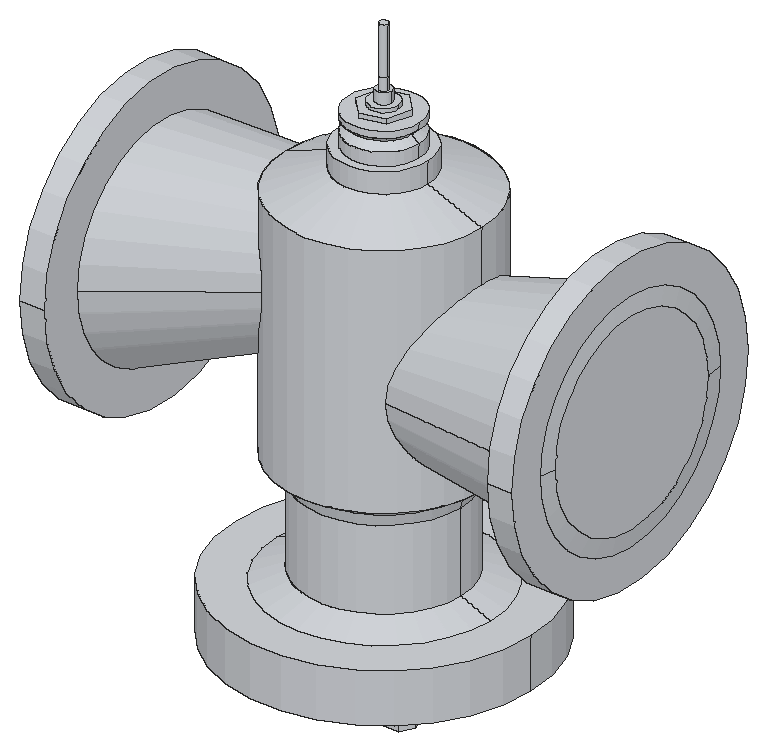
Revit family "2FGB_PN16_DN150_RFA_2018", category Pipe Accessories, Revit 2018
Family settings
  Round Connector Dimension = Use Diameter
  Part Type = Valve - Breaks Into
  Work Plane-Based = No
  Always vertical = Yes
  Cut with Voids When Loaded = No
  Shared = No
Parameters (values of type "2FGB PN16 DN150")
  magiProductId = ""
  magiProductFamilyId = ""
  magiPartTypeId = 306
  isMeasuringValve [instance] = no
  ang2D [instance] = 0.00°
  Z9 = 4.2 mm
  Z8 = 5.7 mm
  Z7 = 3 mm
  Z6 = 6 mm
  Z5 = 6 mm
  Z4 = 12 mm
  Z3 = 227.45 mm
  Z19 = 9.9 mm
  Z15 = 54.95 mm
  Z14__ve = -Z14  # -19.625 mm
  Z14 = 19.625 mm
  Z13 = 10.97 mm
  Z12 = 76.79 mm
  Z10 = 5.1 mm
  X4 = 47.6 mm
  X2__ve = -X2  # -23.8 mm
  X2 = 23.8 mm
  X1 = 2 mm
  W2D = 150 mm
  VersionID = ""
  Use Minimum Symbol Size [instance] = yes
  URL = "www.hydronix.cz"
  Type Comments = "Přírubový; EQM charakteristika; PN16; -10~+150°C"
  R9 = 4 mm
  R7 = 13.88 mm
  R6 = 23.134 mm
  R5 = 27.418 mm
  R4 = 34.272 mm
  R3 = 42.84 mm
  R2 = 77.625 mm
  R13 = 74.52 mm
  R12 = 7.287 mm
  R1 = 62.1 mm
  QmdConnectorList = "301;D;302;D"
  Productdata [instance] = "2FGB150 (DN150; PN16; kvs300)"
  Manufacturer = "Hydronix"
  Maintenance Zone Under Depth [instance] = 207 mm
  Maintenance Zone Right Depth [instance] = 175 mm
  Maintenance Zone Over Depth [instance] = 221 mm
  Maintenance Zone Left Depth [instance] = 175 mm
  Maintenance Zone Front Depth [instance] = 110 mm
  Maintenance Zone Back Depth [instance] = 110 mm
  Maintenance Zone Front Visibility [instance] = no
  LT2 = 240 mm
  L2D_Min = 3048 mm
  L2D = 480 mm
  HCDT2 = 103.5 mm
  H4 = 277 mm
  H3 = 157 mm
  H2 = 45 mm
  FDT2 = 142.5 mm
  Description = "2 cestný regulační ventil přírubový; DN150; PN16; kvs300; zdvih 45mm"
  D4 = 92.65 mm
  D3 = 109 mm
  D2 = 95.2 mm
  D = 150 mm
  CenSd_R6_6 = R6 * cos(30.00°)  # 20.034 mm
  CenSd_A_6 = A * cos(30.00°)  # 12.341 mm
  Clearance Zone Height Depth [instance] = 221 mm
  CZONC [instance] = 175 mm
  Clearance Zone Visibility [instance] = no
  B1 = 84.853 mm
  A = 14.25 mm
Types (5, lengths in mm): name | Z9 | Z8 | Z6 | Z5 | Z4 | Z3 | Z19 | Z15 | Z14__ve | Z14 | Z13 | Z12 | Z10 | X4 | X2__ve | X2 | W2D | R7 | R6 | R5 | R4 | R3 | R2 | R13 | R12 | R1 | Productdata | LT2 | L2D | HCDT2 | H4 | H3 | H2 | FDT2 | Description | D4 | D3 | D2 | D | CenSd_R6_6 | CenSd_A_6 | B1 | A
  2FGB PN16 DN100 | 4.165 | 5.602 | 5.95 | 5.95 | 11.9 | 168.575 | 9.767 | 40.775 | -14.562 | 14.562 | 8.12 | 56.84 | 5.082 | 34.6 | -17.3 | 17.3 | 100 | 10.089 | 16.816 | 19.93 | 24.912 | 31.14 | 57.375 | 55.08 | 5.297 | 45.9 | "2FGB100 (DN100; PN16; kvs130)" | 175 | 350 | 76.5 | 207 | 116.5 | 45 | 110 | "2 cestný regulační ventil přírubový; DN100; PN16; kvs130; zdvih 45mm" | 68.85 | 81 | 69.2 | 100 | 14.563 | 9.526 | 63.64 | 11
  2FGB PN16 DN080 | 4.2 | 5.7 | 6 | 6 | 12 | 151.95 | 9.9 | 36.75 | -13.125 | 13.125 | 7.32 | 51.24 | 5.1 | 30.6 | -15.3 | 15.3 | 80 | 8.923 | 14.872 | 17.626 | 22.032 | 27.54 | 49.875 | 47.88 | 4.685 | 39.9 | "2FGB80 (DN80; PN16; kvs100)" | 155 | 310 | 66.5 | 187 | 105 | 45 | 100 | "2 cestný regulační ventil přírubový; DN80; PN16; kvs100; zdvih 45mm" | 60.35 | 71 | 61.2 | 80 | 12.879 | 8.66 | 56.569 | 10
  2FGB PN16 DN065 | 4.2 | 5.7 | 6 | 6 | 12 | 139.45 | 9.9 | 33.25 | -11.875 | 11.875 | 6.82 | 47.74 | 5.1 | 28.6 | -14.3 | 14.3 | 65 | 8.34 | 13.9 | 16.474 | 20.592 | 25.74 | 44.25 | 42.48 | 4.378 | 35.4 | "2FGB65 (DN65; PN16; kvs63)" | 145 | 290 | 59 | 175 | 95 | 25 | 92.5 | "2 cestný regulační ventil přírubový; DN65; PN16; kvs63; zdvih 25mm" | 53.975 | 63.5 | 57.2 | 65 | 12.037 | 8.011 | 51.265 | 9.25
  2FGB PN16 DN150 | 4.2 | 5.7 | 6 | 6 | 12 | 227.45 | 9.9 | 54.95 | -19.625 | 19.625 | 10.97 | 76.79 | 5.1 | 47.6 | -23.8 | 23.8 | 150 | 13.88 | 23.134 | 27.418 | 34.272 | 42.84 | 77.625 | 74.52 | 7.287 | 62.1 | "2FGB150 (DN150; PN16; kvs300)" | 240 | 480 | 103.5 | 277 | 157 | 45 | 142.5 | "2 cestný regulační ventil přírubový; DN150; PN16; kvs300; zdvih 45mm" | 92.65 | 109 | 95.2 | 150 | 20.034 | 12.341 | 84.853 | 14.25
  2FGB PN16 DN125 | 4.2 | 5.7 | 6 | 6 | 12 | 196.45 | 9.9 | 48.65 | -17.375 | 17.375 | 9.22 | 64.54 | 5.1 | 39.6 | -19.8 | 19.8 | 125 | 11.547 | 19.246 | 22.81 | 28.512 | 35.64 | 68.625 | 65.88 | 6.062 | 54.9 | "2FGB125 (DN125; PN16; kvs200)" | 200 | 400 | 91.5 | 234 | 139 | 45 | 125 | "2 cestný regulační ventil přírubový; DN125; PN16; kvs200; zdvih 45mm" | 81.6 | 96 | 79.2 | 125 | 16.667 | 10.825 | 74.246 | 12.5
Reference planes
  plane 1 "Center (Front/Back)": y = 0
  plane 2 "XYPLANE": z = 0
  plane 3 "Center (Left/Right)": x = 0
  plane 4 "234": y = -84.853
  plane 5 "233": x = 84.853
  plane 6 "232": x = -84.853
  plane 7 "231": y = 84.853
  plane 8 "225": z = -267
  plane 9 "223": z = 221
  plane 10 "221": x = -175
  plane 11 "220": x = 175
  plane 12 "219": y = -110
  plane 13 "218": y = 110
  plane 14 "196": z = -207
  plane 15 "182": z = 217
  plane 16 "161": z = 205
  plane 17 "158": z = 199.3
  plane 18 "150": z = 195.1
  plane 19 "148": z = 192.1
  plane 20 "142": z = 187
  plane 21 "136": z = 181
  plane 22 "135": z = 175
  plane 23 "131": z = 169
  plane 24 "78": z = 117.75
  plane 25 "77": z = 137.375
  plane 26 "74": z = 157
  plane 27 "70": z = -109.7
  plane 28 "65": z = -120.67
  plane 29 "64": z = -131.64
  plane 30 "58": z = -208.43
  plane 31 "57": z = -219.4
  plane 32 "46": z = -277
  plane 33 "28": x = 214.2
  plane 34 "27": x = 238
  plane 35 "21": z = -20
  plane 36 "16": z = 54.95
  plane 37 "13": x = -214.2
  plane 38 "7": x = -238
  plane 39 "6": x = 240
  plane 40 "5": x = -240
  plane 41 "3": y = 0
  plane 42 "2": z = 0
  plane 43 "1": x = 0
Forms (mm)
  Extrusion 1, solid
    sketch origin (-750, 0, -277) x (1, 0, 0) y (0, 1, 0)
      loop
        line (849.103, -84.853) -> (841.978, -72.512) -> (827.728, -72.512) -> (820.603, -84.853) -> (827.728, -97.194) -> (841.978, -97.194) -> (849.103, -84.853)
    from 0 to 10
  Extrusion 2, solid
    sketch origin (-750, 0, -277) x (1, 0, 0) y (0, 1, 0)
      loop
        line (679.397, -84.853) -> (672.272, -72.512) -> (658.022, -72.512) -> (650.897, -84.853) -> (658.022, -97.194) -> (672.272, -97.194) -> (679.397, -84.853)
    from 0 to 10
  Extrusion 3, solid
    sketch origin (-750, 0, -277) x (1, 0, 0) y (0, 1, 0)
      loop
        line (849.103, 84.853) -> (841.978, 97.194) -> (827.728, 97.194) -> (820.603, 84.853) -> (827.728, 72.512) -> (841.978, 72.512) -> (849.103, 84.853)
    from 0 to 10
  Extrusion 4, solid
    sketch origin (-750, 0, -277) x (1, 0, 0) y (0, 1, 0)
      loop
        line (679.397, 84.853) -> (672.272, 97.194) -> (658.022, 97.194) -> (650.897, 84.853) -> (658.022, 72.512) -> (672.272, 72.512) -> (679.397, 84.853)
    from 0 to 10
  Blend 5, solid, visible <- "Maintenance Zone Front Visibility"
    base sketch origin (-750, 0, 221) x (1, 0, 0) y (0, 1, 0)
      loop
        line (575, 110) -> (575, -110) -> (925, -110) -> (925, 110) -> (575, 110)
    top sketch origin (-750, 0, 221) x (1, 0, 0) y (0, 1, 0)
      loop
        line (575, 110) -> (575, -110) -> (925, -110) -> (925, 110) -> (575, 110)
    from 0 to -428
  Extrusion 6, solid, visible <- "Clearance Zone Visibility"
    sketch origin (-750, 0, 0) x (1, 0, 0) y (0, 1, 0)
      loop
        circle (750, 0) r 175
    from 0 to 221 <- "Clearance Zone Height Depth"
  Extrusion 7, solid
    sketch origin (-750, 0, 195.1) x (1, 0, 0) y (0, 1, 0)
      loop
        circle (750, 0) r 7.287
    from 0 to 9.9 <- "Z19"
  Extrusion 8, solid
    sketch origin (-750, 0, 217) x (1, 0, 0) y (0, 1, 0)
      loop
        circle (750, 0) r 4
    from 0 to 45 <- "H2"
  Extrusion 9, solid
    sketch origin (-750, 0, 205) x (1, 0, 0) y (0, 1, 0)
      loop
        circle (750, 0) r 4
    from 0 to 12 <- "Z4"
  Extrusion 10, solid
    sketch origin (-750, 0, 192.1) x (1, 0, 0) y (0, 1, 0)
      loop
        circle (750, 0) r 13.88
    from 0 to 3 <- "Z7"
  Extrusion 11, solid
    sketch origin (-750, 0, 187) x (1, 0, 0) y (0, 1, 0)
      loop
        line (766.358, -16.358) -> (772.345, 5.987) -> (755.987, 22.345) -> (733.642, 16.358) -> (727.655, -5.987) -> (744.013, -22.345) -> (766.358, -16.358)
    from 0 to 5.1 <- "Z10"
  Extrusion 12, solid
    sketch origin (-750, 0, 181) x (1, 0, 0) y (0, 1, 0)
      loop
        circle (750, 0) r 34.272
    from 0 to 6 <- "Z6"
  Blend 13, solid
    base sketch origin (-750, 0, 175) x (1, 0, 0) y (0, 1, 0)
      loop
        circle (750, 0) r 27.418
    top sketch origin (-750, 0, 175) x (1, 0, 0) y (0, 1, 0)
      loop
        circle (750, 0) r 34.272
    from 0 to 6
  Blend 14, solid
    base sketch origin (-750, 0, 169) x (1, 0, 0) y (0, 1, 0)
      loop
        circle (750, 0) r 34.272
    top sketch origin (-750, 0, 169) x (1, 0, 0) y (0, 1, 0)
      loop
        circle (750, 0) r 27.418
    from 0 to 6
  Extrusion 15, solid
    sketch origin (-750, 0, 157) x (1, 0, 0) y (0, 1, 0)
      loop
        circle (750, 0) r 34.272
    from 0 to 12 <- "Z4"
  Extrusion 16, solid
    sketch origin (-750, 0, 157) x (1, 0, 0) y (0, 1, 0)
      loop
        circle (750, 0) r 42.84
    from 0 to -19.625 <- "Z14__ve"
  Blend 17, solid
    base sketch origin (-750, 0, 117.75) x (1, 0, 0) y (0, 1, 0)
      loop
        circle (750, 0) r 95.2
    top sketch origin (-750, 0, 117.75) x (1, 0, 0) y (0, 1, 0)
      loop
        circle (750, 0) r 42.84
    from 0 to 19.625
  Blend 18, solid
    base sketch origin (-750, 0, -120.67) x (1, 0, 0) y (0, 1, 0)
      loop
        circle (750, 0) r 77.625
    top sketch origin (-750, 0, -120.67) x (1, 0, 0) y (0, 1, 0)
      loop
        circle (750, 0) r 95.2
    from 0 to 10.97
  Blend 19, solid
    base sketch origin (-750, 0, -131.64) x (1, 0, 0) y (0, 1, 0)
      loop
        circle (750, 0) r 74.52
    top sketch origin (-750, 0, -131.64) x (1, 0, 0) y (0, 1, 0)
      loop
        circle (750, 0) r 77.625
    from 0 to 10.97
  Extrusion 20, solid
    sketch origin (-750, 0, -208.43) x (1, 0, 0) y (0, 1, 0)
      loop
        circle (750, 0) r 74.52
    from 0 to 76.79 <- "Z12"
  Blend 21, solid
    base sketch origin (-750, 0, -219.4) x (1, 0, 0) y (0, 1, 0)
      loop
        circle (750, 0) r 103.5
    top sketch origin (-750, 0, -219.4) x (1, 0, 0) y (0, 1, 0)
      loop
        circle (750, 0) r 74.52
    from 0 to 10.97
  Extrusion 22, solid
    sketch origin (-750, 0, -267) x (1, 0, 0) y (0, 1, 0)
      loop
        circle (750, 0) r 142.5
    from 0 to 47.6 <- "X4"
  Blend 23, solid
    base sketch origin (238, -750, 0) x (0, 1, 0) y (0, 0, 1)
      loop
        circle (750, 0) r 109
    top sketch origin (238, -750, 0) x (0, 1, 0) y (0, 0, 1)
      loop
        circle (750, 0) r 92.65
    from 0 to 2
  Blend 24, solid
    base sketch origin (-240, -750, 0) x (0, 1, 0) y (0, 0, 1)
      loop
        circle (750, 0) r 92.65
    top sketch origin (-240, -750, 0) x (0, 1, 0) y (0, 0, 1)
      loop
        circle (750, 0) r 109
    from 0 to 2
  Extrusion 25, solid
    sketch origin (238, -750, 0) x (0, 1, 0) y (0, 0, 1)
      loop
        circle (750, 0) r 142.5
    from 0 to -23.8 <- "X2__ve"
  Blend 26, solid
    base sketch origin (0, -750, 0) x (0, 1, 0) y (0, 0, 1)
      loop
        circle (750, -20) r 62.1
    top sketch origin (0, -750, 0) x (0, 1, 0) y (0, 0, 1)
      loop
        circle (750, 0) r 103.5
    from 0 to 214.2
  Extrusion 27, solid
    sketch origin (-750, 0, -109.7) x (1, 0, 0) y (0, 1, 0)
      loop
        circle (750, 0) r 95.2
    from 0 to 227.45 <- "Z3"
  Blend 28, solid
    base sketch origin (-214.2, -750, 0) x (0, 1, 0) y (0, 0, 1)
      loop
        circle (750, 0) r 103.5
    top sketch origin (-214.2, -750, 0) x (0, 1, 0) y (0, 0, 1)
      loop
        circle (750, 54.95) r 62.1
    from 0 to 214.2
  Extrusion 29, solid
    sketch origin (-238, -750, 0) x (0, 1, 0) y (0, 0, 1)
      loop
        circle (750, 0) r 142.5
    from 0 to 23.8 <- "X2"
  Extrusion 30, solid, not visible
    sketch origin (240, -750, 0) x (0, 1, 0) y (0, 0, 1)
      loop
        circle (750, 0) r 10
    from 0 to -10
  Extrusion 31, solid, not visible
    sketch origin (-240, -750, 0) x (0, 1, 0) y (0, 0, 1)
      loop
        circle (750, 0) r 10
    from 0 to 10
Lines and regions (mm)
  reference lines, not visible
    curve 1: circle (2, 2, 0) r 1 normal (0, 0, 1)
  reference lines
    curve 2: line (84.853, -84.853, -277) -> (82.103, -80.09, -277)
    curve 3: line (84.853, -84.853, -277) -> (79.353, -84.853, -277)
    curve 4: line (84.853, -84.853, -277) -> (82.103, -89.616, -277)
    curve 5: line (-84.853, -84.853, -277) -> (-87.603, -80.09, -277)
    curve 6: line (-84.853, -84.853, -277) -> (-90.353, -84.853, -277)
    curve 7: line (-84.853, -84.853, -277) -> (-87.603, -89.616, -277)
    curve 8: line (84.853, 84.853, -277) -> (82.103, 89.616, -277)
    curve 9: line (84.853, 84.853, -277) -> (79.353, 84.853, -277)
    curve 10: line (84.853, 84.853, -277) -> (82.103, 80.09, -277)
    curve 11: line (-84.853, 84.853, -277) -> (-87.603, 89.616, -277)
    curve 12: line (-84.853, 84.853, -277) -> (-90.353, 84.853, -277)
    curve 13: line (-84.853, 84.853, -277) -> (-87.603, 80.09, -277)
    curve 14: line (0, 0, 187) -> (2.176, 8.121, 187)
    curve 15: line (0, 0, 187) -> (-5.945, 5.945, 187)
    curve 16: line (0, 0, 187) -> (-8.121, -2.176, 187)
Dimensions and locks
  plane 1 "Center (Front/Back)" to curve 1 = 2 mm
  "B1": plane 1 "Center (Front/Back)" to plane 4 "234"
  "B1": plane 3 "Center (Left/Right)" to plane 5 "233"
  "B1": plane 3 "Center (Left/Right)" to plane 6 "232"
  "B1": plane 1 "Center (Front/Back)" to plane 7 "231"
  locked: plane 32 "46" to plane 8 "225" at 10
  "Maintenance Zone Over Depth": plane 2 "XYPLANE" to plane 9 "223"
  "Maintenance Zone Left Depth": plane 3 "Center (Left/Right)" to plane 10 "221"
  "Maintenance Zone Right Depth": plane 3 "Center (Left/Right)" to plane 11 "220"
  "Maintenance Zone Front Depth": plane 1 "Center (Front/Back)" to plane 12 "219"
  "Maintenance Zone Back Depth": plane 1 "Center (Front/Back)" to plane 13 "218"
  "Maintenance Zone Under Depth": plane 2 "XYPLANE" to plane 14 "196"
  "Z4": plane 16 "161" to plane 15 "182"
  "Z8": plane 17 "158" to plane 16 "161"
  "Z9": plane 18 "150" to plane 17 "158"
  "Z7": plane 19 "148" to plane 18 "150"
  "Z10": plane 20 "142" to plane 19 "148"
  "Z6": plane 21 "136" to plane 20 "142"
  "Z5": plane 22 "135" to plane 21 "136"
  "Z5": plane 23 "131" to plane 22 "135"
  "Z4": plane 26 "74" to plane 23 "131"
  "Z14": plane 25 "77" to plane 24 "78"
  "Z14": plane 26 "74" to plane 25 "77"
  "H3": plane 2 "XYPLANE" to plane 26 "74"
  "Z13": plane 28 "65" to plane 27 "70"
  "Z13": plane 29 "64" to plane 28 "65"
  "Z12": plane 30 "58" to plane 29 "64"
  "Z13": plane 31 "57" to plane 30 "58"
  "X4": plane 8 "225" to plane 31 "57"
  "H4": plane 2 "XYPLANE" to plane 32 "46"
  "X2": plane 34 "27" to plane 33 "28"
  "X1": plane 39 "6" to plane 34 "27"
  locked: plane 42 "2" to plane 35 "21" at 20
  "Z15": plane 42 "2" to plane 36 "16"
  "X2": plane 38 "7" to plane 37 "13"
  "X1": plane 40 "5" to plane 38 "7"
  "LT2": plane 3 "Center (Left/Right)" to plane 39 "6"
  "LT2": plane 3 "Center (Left/Right)" to plane 40 "5"
  locked: plane 1 "Center (Front/Back)" to plane 41 "3"
  locked: plane 2 "XYPLANE" to plane 42 "2"
  locked: plane 3 "Center (Left/Right)" to plane 43 "1"
  "CenSd_A_6": curve 2 to Extrusion 1 sketch curve  (x2)
  "CenSd_A_6": curve 3 to Extrusion 1 sketch curve  (x2)
  "CenSd_A_6": curve 4 to Extrusion 1 sketch curve  (x2)
  "CenSd_A_6": curve 5 to Extrusion 2 sketch curve  (x2)
  "CenSd_A_6": curve 6 to Extrusion 2 sketch curve  (x2)
  "CenSd_A_6": curve 7 to Extrusion 2 sketch curve  (x2)
  "CenSd_A_6": curve 8 to Extrusion 3 sketch curve  (x2)
  "CenSd_A_6": curve 9 to Extrusion 3 sketch curve  (x2)
  "CenSd_A_6": curve 10 to Extrusion 3 sketch curve  (x2)
  "CenSd_A_6": curve 11 to Extrusion 4 sketch curve  (x2)
  "CenSd_A_6": curve 12 to Extrusion 4 sketch curve  (x2)
  "CenSd_A_6": curve 13 to Extrusion 4 sketch curve  (x2)
  "CenSd_R6_6": curve 14 to Extrusion 11 sketch curve  (x2)
  "CenSd_R6_6": curve 15 to Extrusion 11 sketch curve  (x2)
  "CenSd_R6_6": curve 16 to Extrusion 11 sketch curve  (x2)
  "CZONC": radius of Extrusion 6 sketch curve
  "R12": radius of Extrusion 7 sketch curve
  "R9": radius of Extrusion 8 sketch curve
  "R9": radius of Extrusion 9 sketch curve
  "R7": radius of Extrusion 10 sketch curve
  "R4": radius of Extrusion 12 sketch curve
  "R4": radius of Blend 13 sketch curve
  "R5": radius of Blend 13 sketch curve
  "R5": radius of Blend 14 sketch curve
  "R4": radius of Blend 14 sketch curve
  "R4": radius of Extrusion 15 sketch curve
  "R3": radius of Extrusion 16 sketch curve
  "R3": radius of Blend 17 sketch curve
  "D2": radius of Blend 17 sketch curve
  "D2": radius of Blend 18 sketch curve
  "R2": radius of Blend 18 sketch curve
  "R2": radius of Blend 19 sketch curve
  "R13": radius of Blend 19 sketch curve
  "R13": radius of Extrusion 20 sketch curve
  "R13": radius of Blend 21 sketch curve
  "HCDT2": radius of Blend 21 sketch curve
  "FDT2": radius of Extrusion 22 sketch curve
  "D4": radius of Blend 23 sketch curve
  "D3": radius of Blend 23 sketch curve
  "D3": radius of Blend 24 sketch curve
  "D4": radius of Blend 24 sketch curve
  "FDT2": radius of Extrusion 25 sketch curve
  "HCDT2": radius of Blend 26 sketch curve
  "R1": radius of Blend 26 sketch curve
  "D2": radius of Extrusion 27 sketch curve
  "R1": radius of Blend 28 sketch curve
  "HCDT2": radius of Blend 28 sketch curve
  "FDT2": radius of Extrusion 29 sketch curve
  locked: curve 3 to curve 2 (angle 60.00°)
  locked: curve 4 to curve 3 (angle 60.00°)
  locked: curve 4 to curve 2 (angle 120.00°)
  locked: curve 6 to curve 5 (angle 60.00°)
  locked: curve 7 to curve 6 (angle 60.00°)
  locked: curve 7 to curve 5 (angle 120.00°)
  locked: curve 9 to curve 8 (angle 60.00°)
  locked: curve 10 to curve 9 (angle 60.00°)
  locked: curve 10 to curve 8 (angle 120.00°)
  locked: curve 12 to curve 11 (angle 60.00°)
  locked: curve 13 to curve 12 (angle 60.00°)
  locked: curve 13 to curve 11 (angle 120.00°)
  locked: curve 15 to curve 14 (angle 60.00°)
  locked: curve 16 to curve 15 (angle 60.00°)
  locked: curve 16 to curve 14 (angle 120.00°)
  aligned and locked: level to plane 2 "XYPLANE"
  aligned and locked: plane 4 "234" to curve 2
  aligned and locked: plane 5 "233" to curve 2
  aligned and locked: plane 4 "234" to curve 5
  aligned and locked: plane 6 "232" to curve 5
  aligned and locked: plane 5 "233" to curve 8
  aligned and locked: plane 7 "231" to curve 8
  aligned and locked: plane 6 "232" to curve 11
  aligned and locked: plane 7 "231" to curve 11
  aligned and locked: plane 13 "218" to Blend 5 sketch curve  (x4)
  aligned and locked: plane 12 "219" to Blend 5 sketch curve  (x4)
  aligned and locked: plane 10 "221" to Blend 5 sketch curve  (x4)
  aligned and locked: plane 11 "220" to Blend 5 sketch curve  (x4)
  aligned and locked: Blend 5 to plane 14 "196"
  aligned and locked: plane 41 "3" to Extrusion 6 sketch curve
  aligned and locked: plane 43 "1" to Extrusion 6 sketch curve
  aligned and locked: plane 41 "3" to Extrusion 7 sketch curve
  aligned and locked: plane 43 "1" to Extrusion 7 sketch curve
  aligned and locked: plane 41 "3" to Extrusion 8 sketch curve
  aligned and locked: plane 43 "1" to Extrusion 8 sketch curve
  aligned and locked: plane 41 "3" to Extrusion 9 sketch curve
  aligned and locked: plane 43 "1" to Extrusion 9 sketch curve
  aligned and locked: plane 41 "3" to Extrusion 10 sketch curve
  aligned and locked: plane 43 "1" to Extrusion 10 sketch curve
  aligned and locked: plane 41 "3" to curve 14
  aligned and locked: plane 43 "1" to curve 14
  aligned and locked: plane 41 "3" to Extrusion 12 sketch curve
  aligned and locked: plane 43 "1" to Extrusion 12 sketch curve
  aligned and locked: plane 41 "3" to Blend 13 sketch curve  (x2)
  aligned and locked: plane 43 "1" to Blend 13 sketch curve  (x2)
  aligned and locked: plane 21 "136" to Blend 13
  aligned and locked: plane 41 "3" to Blend 14 sketch curve  (x2)
  aligned and locked: plane 43 "1" to Blend 14 sketch curve  (x2)
  aligned and locked: plane 22 "135" to Blend 14
  aligned and locked: plane 41 "3" to Extrusion 15 sketch curve
  aligned and locked: plane 43 "1" to Extrusion 15 sketch curve
  aligned and locked: plane 41 "3" to Extrusion 16 sketch curve
  aligned and locked: plane 43 "1" to Extrusion 16 sketch curve
  aligned and locked: plane 41 "3" to Blend 17 sketch curve  (x2)
  aligned and locked: plane 43 "1" to Blend 17 sketch curve  (x2)
  aligned and locked: plane 25 "77" to Blend 17
  aligned and locked: plane 41 "3" to Blend 18 sketch curve  (x2)
  aligned and locked: plane 43 "1" to Blend 18 sketch curve  (x2)
  aligned and locked: plane 27 "70" to Blend 18
  aligned and locked: plane 41 "3" to Blend 19 sketch curve  (x2)
  aligned and locked: plane 43 "1" to Blend 19 sketch curve  (x2)
  aligned and locked: plane 28 "65" to Blend 19
  aligned and locked: plane 41 "3" to Extrusion 20 sketch curve
  aligned and locked: plane 43 "1" to Extrusion 20 sketch curve
  aligned and locked: plane 41 "3" to Blend 21 sketch curve  (x2)
  aligned and locked: plane 43 "1" to Blend 21 sketch curve  (x2)
  aligned and locked: plane 30 "58" to Blend 21
  aligned and locked: plane 41 "3" to Extrusion 22 sketch curve
  aligned and locked: plane 43 "1" to Extrusion 22 sketch curve
  aligned and locked: Blend 23 sketch curve to plane 41 "3"  (x2)
  aligned and locked: plane 42 "2" to Blend 23 sketch curve  (x2)
  aligned and locked: plane 39 "6" to Blend 23
  aligned and locked: Blend 24 sketch curve to plane 41 "3"  (x2)
  aligned and locked: plane 42 "2" to Blend 24 sketch curve  (x2)
  aligned and locked: plane 38 "7" to Blend 24
  aligned and locked: Extrusion 25 sketch curve to plane 41 "3"
  aligned and locked: plane 42 "2" to Extrusion 25 sketch curve
  aligned and locked: Blend 26 sketch curve to plane 41 "3"  (x2)
  aligned and locked: plane 42 "2" to Blend 26 sketch curve
  aligned and locked: plane 35 "21" to Blend 26 sketch curve
  aligned and locked: plane 33 "28" to Blend 26
  aligned and locked: plane 41 "3" to Extrusion 27 sketch curve
  aligned and locked: plane 43 "1" to Extrusion 27 sketch curve
  aligned and locked: plane 36 "16" to Blend 28 sketch curve
  aligned and locked: plane 41 "3" to Blend 28 sketch curve
  aligned and locked: Blend 28 sketch curve to plane 41 "3"
  aligned and locked: plane 42 "2" to Blend 28 sketch curve
  aligned and locked: plane 43 "1" to Blend 28
  aligned and locked: Extrusion 29 sketch curve to plane 41 "3"
  aligned and locked: plane 42 "2" to Extrusion 29 sketch curve
  aligned and locked: Extrusion 30 sketch curve to plane 41 "3"
  aligned and locked: plane 42 "2" to Extrusion 30 sketch curve
  aligned and locked: Extrusion 31 sketch curve to plane 41 "3"
  aligned and locked: plane 42 "2" to Extrusion 31 sketch curve
Automatic sketch dimensions
  plane 1 "Center (Front/Back)" to curve 16 = 2.176 mm
  plane 1 "Center (Front/Back)" to Extrusion 30 sketch curve = 10 mm
  plane 1 "Center (Front/Back)" to Extrusion 31 sketch curve = 10 mm
  plane 3 "Center (Left/Right)" to curve 1 = 2 mm
  radius of curve 1 = 1 mm
Connectors
  piping at (-240, 0, 0), diameter 150, driven by "D"
    settings: on Extrusion 31, index 1, connector inside diameter 609.6 mm, connector length 0 mm, flow factor 0, pipe flow 0.0 L/s, pressure drop 0.0 Pa, fitting loss kfactor 0, connector angle 0.00°, fixture units 0, engagement length 0 mm, angle of deflection 0.00°, flow configuration 0, flow direction 0, fitting loss method 0, system type 29, joint type 0, gender type 0, connector reference index 2, connector utility 0, adjustable connector no, is connector primary yes, connector description ""
  piping at (240, 0, 0), diameter 150, driven by "D"
    settings: on Extrusion 30, index 2, connector inside diameter 609.6 mm, connector length 0 mm, flow factor 0, pipe flow 0.0 L/s, pressure drop 0.0 Pa, fitting loss kfactor 0, connector angle 0.00°, fixture units 0, engagement length 0 mm, angle of deflection 0.00°, flow configuration 0, flow direction 0, fitting loss method 0, system type 29, joint type 0, gender type 0, connector reference index 1, connector utility 0, adjustable connector no, is connector primary no, connector description ""
